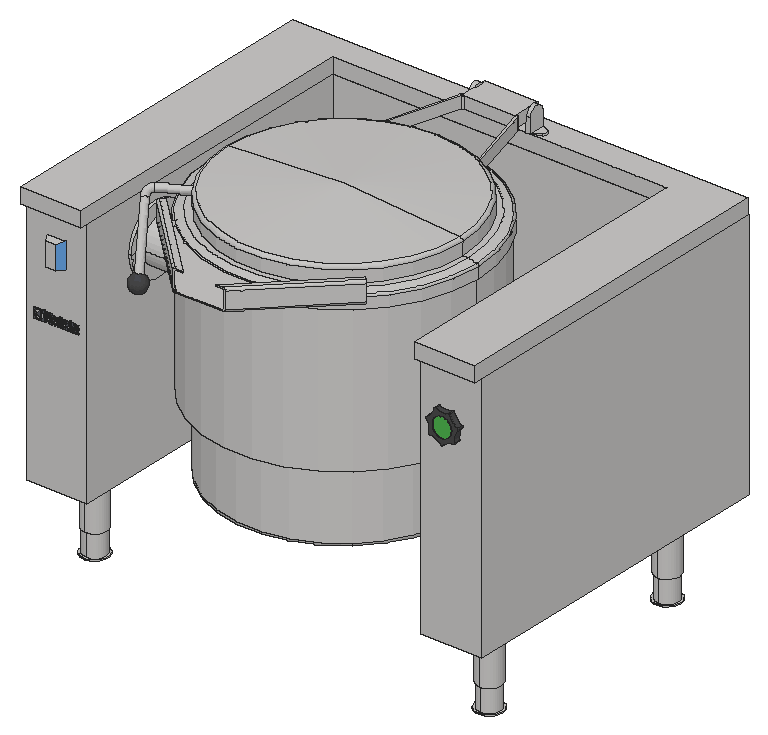
Revit family "QF_ELECTROLUXPROFESSIONAL_587188_PBOT10TCJO", category Attrezzature speciali, Revit 2020
Family settings
  Quota connettore circolare = Usa diametro
  Tipo di parte = Normale
  Basato su piano di lavoro = No
  Sempre verticale = Sì
  Taglio con vuoti quando caricato = No
  Condiviso = No
  Punto di calcolo locali = No
Parameters (values of type "Standard")
  Weight = 180.00 kg
  Watts = 200 W
  Volts = 230 V
  URL Manufacturer = "https://www.electroluxprofessional.com/"
  URL = "https://www.electroluxprofessional.com/"
  Steam Supply Size = 25.4 mm
  Steam Supply Minimum Pressure = 3.28084 Pa
  Steam Supply Maximum Pressure = 4.92126 Pa
  Steam Consumption per Hour = 45
  Refrigeration Suction Line Size = 0.0 mm
  Refrigeration Liquid Line Size = 0.0 mm
  Refrigerant Compressor Remote = yes
  Prospetto di default = 0.0 mm
  Produttore = "Electrolux Professional"
  Phase = 1
  Modello = "PBOT10TCJO"
  Length Actual = 1200.0 mm  # constant formula
  Item Number = "587188"
  Hot Water Size = 12.7 mm
  Height Actual = 700.0 mm  # constant formula
  HP = "0.3 HP"
  Gas Size = 0 mm
  Gas KW = 0
  Gas Input Pressure = 0 W
  Direct Waste Size = 0 mm
  Descrizione = "STEAM (MAN) BOILING PAN, TILTING,100L,230V,FS,MARINE"
  Depth Actual = 900.0 mm  # constant formula
  Cycle = 50 Hz
  Condensate Return Size = 25.4 mm
  Compressed Air Volume = 0.0 L/s
  Compressed Air Size = 0 mm
  Compressed Air Pressure = 0.0 Pa
  Cold Water Size = 12.7 mm
  Accessory = yes
Reference planes
  plane 1 "Center (Front/Back)": y = 0
  plane 2: z = 0
  plane 3 "Center (Left/Right)": x = 0
  plane 4 "LEFT": x = -600
  plane 5 "RIGHT": x = 600
  plane 6 "BACK": y = 450
  plane 7 "FRONT": y = -450
  plane 8 "Base": z = 200
  plane 9 "TOP": z = 900
  plane 10: x = -440
  plane 11: x = 440
  plane 12 "Axe_PentolaY": y = -205
  plane 13 "AxePentolaZ": z = 730
  plane 14 "PLANE_TOP": z = 860
  plane 15: y = 380
  plane 16: x = -349.5
  plane 17: z = 880
  plane 18: z = 495
  plane 19: z = 280
  plane 20: x = -313.5
  plane 21: y = -610
  plane 22 "CentroPentolaY": y = -133
  plane 23 "TopCoperchio": z = 981
  plane 24 "Versamento": z = 910
  plane 25 "V1": through (-114.68, -565.5, 4000) normal (-0.7071, -0.7071, 0)
  plane 26 "V2": through (122.18, -558, 4000) normal (-0.7071, 0.7071, 0)
  plane 27 "Gfront": y = -1300
  plane 28 "LEVEL": through (-245.562, -289.383, 4000) normal (0.866, 0.5, 0)
  plane 29 "GRight": x = 250
  plane 30 "GLeft": x = -250
  plane 31 "Gback": y = -100
  plane 32: z = 1756
  plane 33 "Ribaltamento": y = -674
  plane 34: x = -520
  plane 35: x = 520
Forms (mm)
  Revolve 1, solid, material "QF_Finishes_Stainless Steel"
    sketch origin (0, 0, 730) x (-1, 0, 0) y (0, -1, 0)
      loop
        line (440, 205) -> (-440, 205) -> (-440, 115) -> (-430, 115) -> (-430, 148) -> (430, 148) -> (430, 115) -> (440, 115) -> (440, 205)
      axis (440, 205) -> (-440, 205)
    angle from 0 to 360
  Extrusion 2, solid, material "QF_Finishes_Stainless Steel"
    sketch origin (0, 0, 860) x (-1, 0, 0) y (0, -1, 0)
      loop
        line (600, 450) -> (440, 450) -> (440, -380) -> (-440, -380) -> (-440, 450) -> (-600, 450) -> (-600, -450) -> (600, -450) -> (600, 450)
    from 0 to 40
  Extrusion 3, solid, material "QF_Finishes_Stainless Steel"
    sketch origin (0, 0, 860) x (-1, 0, 0) y (0, -1, 0)
      loop
        line (440, -380) -> (-440, -380) -> (-440, -450) -> (440, -450) -> (440, -380)
    from 0 to -360
  Revolve 4, solid, material "QF_Finishes_Stainless Steel"
    sketch origin (0, -133, 0) x (-1, 0, 0) y (0, 0, 1)
      loop
        line (0, 880) -> (0, 280)
        arc (0, 280) -> (156.043, 284.842) -> (311.485, 299.356) r 2515
        arc (311.485, 299.356) -> (312.985, 302.455) -> (313.5, 305.859) r 11.5
        line (313.5, 305.859) -> (313.5, 495) -> (349.5, 495) -> (349.5, 880) -> (0, 880)
      axis (0, 880) -> (0, 280)
    angle from 0 to 360
  Revolve 5, solid, material "QF_Finishes_Stainless Steel"
    sketch origin (0, -133, 0) x (-1, 0, 0) y (0, 0, 1)
      loop
        line (354.5, 880) -> (354.5, 908.417)
        arc (354.5, 908.417) -> (353.283, 912.04) -> (350.126, 914.193) r 6
        line (350.126, 914.193) -> (329.5, 920) -> (313.5, 920) -> (313.5, 951.908)
        arc (313.5, 951.908) -> (311.001, 958.521) -> (304.753, 961.829) r 10
        arc (304.753, 961.829) -> (152.678, 976.202) -> (0, 981) r 2431.82
        line (0, 981) -> (0, 880) -> (354.5, 880)
      axis (0, 981) -> (0, 880)
    angle from 0 to 360
  Extrusion 6, solid, material "QF_Finishes_Stainless Steel"
    sketch origin (0, 0, 910) x (-1, 0, 0) y (0, -1, 0)
      loop
        line (45.557, 610) -> (-45.557, 610) -> (-263.465, 392.092) -> (-247.191, 375.819)
        arc (-247.191, 375.819) -> (0, 479.503) -> (247.191, 375.819) r 346.503
        line (247.191, 375.819) -> (263.465, 392.092) -> (45.557, 610)
    from 0 to 3
  Sweep 7, solid, material "QF_Finishes_Stainless Steel"
    path origin (0, 0, 910) x (-1, 0, 0) y (0, -1, 0)
      loop
        line (55.425, 624.755) -> (275.776, 404.404)
    profile origin (-165.6, -514.579, 910) x (-0.707107, -0.707107, 0) y (0, 0, 1)
      loop
        arc (-6, 0) -> (-1.757, 1.757) -> (0, 6) r 6
        line (0, 6) -> (0, 50)
        arc (0, 50) -> (-1.757, 54.243) -> (-6, 56) r 6
        line (-6, 56) -> (-19, 56) -> (-19, 53) -> (-6, 53)
        arc (-6, 53) -> (-3.879, 52.121) -> (-3, 50) r 3
        line (-3, 50) -> (-3, 6)
        arc (-3, 6) -> (-3.879, 3.879) -> (-6, 3) r 3
        line (-6, 3) -> (-19, 3) -> (-19, 0) -> (-6, 0)
  Sweep 8, solid, material "QF_Finishes_Stainless Steel"
    path origin (0, 0, 910) x (-1, 0, 0) y (0, -1, 0)
      loop
        line (-55.075, 625.105) -> (-275.776, 404.404)
    profile origin (165.425, -514.754, 910) x (-0.707107, 0.707107, 0) y (0, 0, 1)
      loop
        arc (0, 6) -> (1.757, 1.757) -> (6, 0) r 6
        line (6, 0) -> (19, 0) -> (19, 3) -> (6, 3)
        arc (6, 3) -> (3.879, 3.879) -> (3, 6) r 3
        line (3, 6) -> (3, 50)
        arc (3, 50) -> (3.879, 52.121) -> (6, 53) r 3
        line (6, 53) -> (19, 53) -> (19, 56) -> (6, 56)
        arc (6, 56) -> (1.757, 54.243) -> (0, 50) r 6
        line (0, 50) -> (0, 6)
  Extrusion 9, solid, material "QF_Finishes_Stainless Steel"
    sketch origin (0, 0, 0) x (0, 1, 0) y (0, 0, 1)
      loop
        line (420, 900) -> (420, 938.813)
        arc (420, 938.813) -> (400, 958.813) -> (380, 938.813) r 20
        line (380, 938.813) -> (380, 900) -> (420, 900)
    from -70 to -82
  Extrusion 10, solid, material "QF_Finishes_Stainless Steel"
    sketch origin (0, 0, 900) x (0, 1, 0) y (-1, 0, 0)
      loop
        arc (341.132, 72.4) -> (343.874, 70.425) -> (344.734, 67.158) r 5
        line (344.734, 67.158) -> (344.734, -67.158)
        arc (344.734, -67.158) -> (343.874, -70.425) -> (341.132, -72.4) r 5
        line (341.132, -72.4) -> (129.308, -133.139)
        arc (129.308, -133.139) -> (127.881, -135.914) -> (126.425, -138.673) r 294.162
        line (126.425, -138.673) -> (342.51, -77.206)
        arc (342.51, -77.206) -> (346.951, -74.535) -> (349.459, -70) r 10
        line (349.459, -70) -> (420, -70) -> (420, 70) -> (349.459, 70)
        arc (349.459, 70) -> (346.951, 74.535) -> (342.51, 77.206) r 10
        line (342.51, 77.206) -> (126.425, 138.673)
        arc (126.425, 138.673) -> (127.881, 135.914) -> (129.308, 133.139) r 294.162
        line (129.308, 133.139) -> (341.132, 72.4)
    from 23.419 to 54.644
  Extrusion 11, solid, material "QF_Finishes_Stainless Steel"
    sketch origin (0, 0, 0) x (0, 1, 0) y (0, 0, 1)
      loop
        line (420, 900) -> (420, 938.813)
        arc (420, 938.813) -> (400, 958.813) -> (380, 938.813) r 20
        line (380, 938.813) -> (380, 900) -> (420, 900)
    from 70 to 82
  Extrusion 12, solid, material "QF_Finishes_Stainless Steel"
    sketch origin (0, 0, 900) x (0, 1, 0) y (-1, 0, 0)
      loop
        arc (391.973, -103.927) -> (400, -108.689) -> (408.027, -103.927) r 9.146
        line (408.027, -103.927) -> (420, -82) -> (380, -82) -> (391.973, -103.927)
      loop
        line (391.973, 103.927) -> (380, 82) -> (420, 82) -> (408.027, 103.927)
        arc (408.027, 103.927) -> (400, 108.689) -> (391.973, 103.927) r 9.146
    from 0 to 3
  Extrusion 13, solid, material "QF_Door-Drawer Clearances", detail levels coarse
    sketch origin (0, 0, 0) x (0, 1, 0) y (0, 0, 1)
      loop
        line (-610, 916) -> (-610, 927.19)
        arc (-610, 927.19) -> (-658.178, 610.489) -> (-482.5, 342.612) r 447.893
        line (-482.5, 342.612) -> (-482.5, 880) -> (-487.5, 880) -> (-487.5, 910) -> (-605.757, 910)
        spline (-605.757, 910) -> (-606.311, 910.051) -> (-606.855, 910.204) -> (-607.381, 910.457) -> (-607.879, 910.804) -> (-608.34, 911.24) -> (-608.757, 911.757) -> (-609.123, 912.347) -> (-609.432, 913) -> (-609.677, 913.704) -> (-609.855, 914.447) -> (-609.964, 915.217) -> (-610, 916)
    from -100 to 100
  Extrusion 14, void
    sketch origin (0, 0, 910) x (-1, 0, 0) y (0, -1, 0)
      loop
        line (75, 610) -> (75, 627.601) -> (-72.504, 627.601) -> (-72.504, 610) -> (75, 610)
    from 0 to 71
  Extrusion 15, solid, material "QF_Door-Drawer Clearances", detail levels coarse
    sketch origin (0, 503.456, 621.717) x (0, 1, 0) y (0, 0, 1)
      loop
        line (-83.456, 332.927) -> (-293.85, 1134.283)
        arc (-293.85, 1134.283) -> (-817.32, 857.21) -> (-1113.456, 344.283) r 1070.86
        line (-1113.456, 344.283) -> (-899.021, 344.283)
        arc (-899.021, 344.283) -> (-633.085, 359.286) -> (-367.148, 344.283) r 2364.531
        line (-367.148, 344.283) -> (-323.456, 344.283) -> (-323.456, 332.927) -> (-83.456, 332.927)
    from -100 to 100
Cuts and joins
  Extrusion 14 cuts Extrusion 6
  Extrusion 14 cuts Sweep 7
  Extrusion 14 cuts Sweep 8
  joined: Extrusion 6, Sweep 7, Sweep 8
  Extrusion 14 cuts Extrusion 13
Lines and regions (mm)
  symbolic lines
    curve 1: line (600, 450, 900) -> (-600, 450, 900)
    curve 2: line (600, -450, 900) -> (600, 450, 900)
    curve 3: line (-600, 450, 900) -> (-600, -450, 900)
    curve 4: line (-600, -450, 900) -> (-440, -450, 900)
    curve 5: line (-440, -450, 900) -> (-440, 380, 900)
    curve 6: line (440, 380, 900) -> (440, -450, 900)
    curve 7: line (440, -450, 900) -> (600, -450, 900)
    curve 8: line (-430, -115, 900) -> (-430, -295, 900)
    curve 9: line (-430, -115, 900) -> (-440, -115, 900)
    curve 10: line (-430, -295, 900) -> (-440, -295, 900)
    curve 11: line (430, -115, 900) -> (440, -115, 900)
    curve 12: line (430, -295, 900) -> (440, -295, 900)
    curve 13: line (-70, 349.459, 900) -> (-70, 420, 900)
    curve 14: line (-82, 420, 900) -> (82, 420, 900)
    curve 15: line (70, 420, 900) -> (70, 349.459, 900)
    curve 16: line (-66.757, 345, 900) -> (66.757, 345, 900)
    curve 17: line (-70.18, -610, 900) -> (-275.776, -404.404, 900)
    curve 18: line (-275.776, -404.404, 900) -> (-249.31, -377.938, 900)
    curve 19: line (-262.341, -390.969, 900) -> (-56.745, -596.565, 900)
    curve 20: line (56.745, -596.565, 900) -> (262.341, -390.969, 900)
    curve 21: line (249.31, -377.938, 900) -> (275.776, -404.404, 900)
    curve 22: line (275.776, -404.404, 900) -> (70.18, -610, 900)
    curve 23: line (-103.927, 391.973, 900) -> (-82, 380, 900)
    curve 24: arc (-103.927, 408.027, 900) -> (-108.689, 400, 900) -> (-103.927, 391.973, 900) r 9.146
    curve 25: line (-82, 420, 900) -> (-103.927, 408.027, 900)
    curve 26: line (-82, 420, 900) -> (-82, 380, 900)
    curve 27: line (82, 380, 900) -> (82, 420, 900)
    curve 28: line (103.927, 408.027, 900) -> (82, 420, 900)
    curve 29: arc (103.927, 391.973, 900) -> (108.689, 400, 900) -> (103.927, 408.027, 900) r 9.146
    curve 30: line (82, 380, 900) -> (103.927, 391.973, 900)
    curve 36: line (-440, 380, 900) -> (-70, 380, 900)
    curve 37: line (440, 380, 900) -> (70, 380, 900)
    curve 38: line (-430, -147.761, 900) -> (-349.188, -147.761, 900)
    curve 39: line (-430, -262, 900) -> (-324.822, -262, 900)
    curve 40: line (430, -147.761, 900) -> (349.188, -147.761, 900)
    curve 60: line (430, -262, 900) -> (324.822, -262, 900)
    curve 72: arc (-296.118, -318.645, 910) -> (300.864, 44.851, 910) -> (-305.405, -302.936, 910) r 349.5
    curve 75: line (430, -295, 910) -> (430, -115, 910)
  symbolic lines, style "SpecialityEquipmentHiddenLines"
    curve 31: line (-250, -1300, 900) -> (250, -1300, 900)
    curve 32: line (-250, -100, 900) -> (-250, -1300, 900)
    curve 33: line (250, -100, 900) -> (-250, -100, 900)
    curve 34: line (250, -1300, 900) -> (250, -100, 900)
    curve 57: line (0, -1165.484, 900) -> (0, -1135.484, 900)
    curve 58: line (-15, -1150.484, 900) -> (15, -1150.484, 900)
    curve 61: arc (-72.4, 341.132, 910) -> (-70.425, 343.874, 910) -> (-67.158, 344.734, 910) r 5
    curve 62: arc (-70, 349.459, 910) -> (-74.535, 346.951, 910) -> (-77.206, 342.51, 910) r 10
    curve 63: arc (77.206, 342.51, 910) -> (74.535, 346.951, 910) -> (70, 349.459, 910) r 10
    curve 64: arc (67.158, 344.734, 910) -> (70.425, 343.874, 910) -> (72.4, 341.132, 910) r 5
    curve 70: line (-56.745, -596.565, 910) -> (-70.18, -610, 910)
    curve 71: line (56.745, -596.565, 910) -> (70.18, -610, 910)
    curve 74: line (250, -100, 910) -> (-250, -100, 910)
  symbolic lines, style "SpecialityEquipment"
    curve 35: circle (0, -1150.484, 900) r 15 normal (0, 0, 1)
    curve 41: line (210, -1300, 900) -> (210, -1100, 900)
    curve 42: line (170, -1300, 900) -> (170, -1140, 900)
    curve 43: line (130, -1300, 900) -> (130, -1180, 900)
    curve 44: line (90, -1300, 900) -> (90, -1220, 900)
    curve 45: line (90, -1260, 900) -> (250, -1260, 900)
    curve 46: line (130, -1220, 900) -> (250, -1220, 900)
    curve 47: line (170, -1180, 900) -> (250, -1180, 900)
    curve 48: line (210, -1140, 900) -> (250, -1140, 900)
    curve 49: line (-210, -1300, 900) -> (-210, -1100, 900)
    curve 50: line (-170, -1300, 900) -> (-170, -1140, 900)
    curve 51: line (-130, -1300, 900) -> (-130, -1180, 900)
    curve 52: line (-90, -1300, 900) -> (-90, -1220, 900)
    curve 53: line (-90, -1260, 900) -> (-250, -1260, 900)
    curve 54: line (-130, -1220, 900) -> (-250, -1220, 900)
    curve 55: line (-170, -1180, 900) -> (-250, -1180, 900)
    curve 56: line (-210, -1140, 900) -> (-250, -1140, 900)
    curve 59: line (-70.18, -610, 900) -> (70.18, -610, 900)
    curve 65: line (72.4, 341.132, 910) -> (133.139, 129.308, 910)
    curve 66: line (138.673, 126.425, 910) -> (77.206, 342.51, 910)
    curve 67: line (-133.139, 129.308, 910) -> (-72.4, 341.132, 910)
    curve 68: line (-77.206, 342.51, 910) -> (-138.673, 126.425, 910)
    curve 69: circle (0, -133, 910) r 294.162 normal (0, 0, -1)
    curve 73: circle (0, -133, 910) r 313.5 normal (0, 0, 1)
Dimensions and locks
  plane 4 "LEFT" to plane 5 "RIGHT" = 1200.0 mm
  equal spacing: plane 4 "LEFT", plane 3 "Center (Left/Right)", plane 5 "RIGHT"
  equal spacing: plane 6 "BACK", plane 1 "Center (Front/Back)", plane 7 "FRONT"
  plane 6 "BACK" to plane 7 "FRONT" = 900.0 mm
  plane 8 "Base" to level = 200.0 mm
  plane 9 "TOP" to level = 900.0 mm
  plane 9 "TOP" to plane 8 "Base" = 700.0 mm
  locked: plane 4 "LEFT" to plane 10 at 160
  locked: plane 11 to plane 5 "RIGHT" at 160
  locked: plane 6 "BACK" to plane 12 "Axe_PentolaY" at 655
  locked: plane 13 "AxePentolaZ" to plane 8 "Base" at 530
  locked: Revolve 1 sketch curve to Revolve 1 sketch curve at 57
  locked: Revolve 1 sketch curve to Revolve 1 sketch curve at 90
  locked: plane 10 to Revolve 1 sketch curve at 10
  locked: Revolve 1 sketch curve to plane 11 at 10
  locked: plane 9 "TOP" to plane 14 "PLANE_TOP" at 40
  plane 6 "BACK" to plane 15 = 70.0 mm
  locked: plane 17 to plane 13 "AxePentolaZ" at 150
  locked: plane 13 "AxePentolaZ" to plane 18 at 235
  locked: plane 18 to plane 19 at 215
  locked: plane 3 "Center (Left/Right)" to plane 16 at 349.5
  locked: plane 3 "Center (Left/Right)" to plane 20 at 313.5
  Revolve 5 sketch curve to plane 17 = 40.0 mm
  locked: plane 16 to Revolve 5 sketch curve at 5
  plane 6 "BACK" to plane 21 = 1060.0 mm
  locked: plane 6 "BACK" to plane 22 "CentroPentolaY" at 583
  locked: plane 23 "TopCoperchio" to plane 9 "TOP" at 81
  locked: plane 24 "Versamento" to level at 910
  plane 6 "BACK" to plane 27 "Gfront" = 1750.0 mm
  locked: plane 30 "GLeft" to plane 3 "Center (Left/Right)" at 250
  locked: plane 3 "Center (Left/Right)" to plane 29 "GRight" at 250
  plane 6 "BACK" to plane 31 "Gback" = 550.0 mm
  plane 32 to plane 9 "TOP" = 856.0 mm
  plane 6 "BACK" to plane 33 "Ribaltamento" = 1124.0 mm
  equal spacing: plane 10, plane 34, plane 4 "LEFT"
  equal spacing: plane 5 "RIGHT", plane 35, plane 11
  aligned and locked: level to plane 2
  aligned and locked: plane 5 "RIGHT" to nested 2
  aligned and locked: plane 4 "LEFT" to nested 1
  aligned and locked: plane 8 "Base" to nested 1
  aligned and locked: plane 8 "Base" to nested 2
  aligned and locked: plane 6 "BACK" to nested 2
  aligned and locked: plane 6 "BACK" to nested 1
  aligned and locked: plane 10 to Revolve 1 sketch curve
  aligned and locked: plane 11 to Revolve 1 sketch curve
  aligned and locked: plane 4 "LEFT" to Extrusion 2 sketch curve
  aligned and locked: Extrusion 2 sketch curve to plane 10
  aligned and locked: plane 7 "FRONT" to Extrusion 2 sketch curve  (x2)
  aligned and locked: Extrusion 2 sketch curve to plane 5 "RIGHT"
  aligned and locked: plane 11 to Extrusion 2 sketch curve
  aligned and locked: Extrusion 2 sketch curve to plane 6 "BACK"
  aligned and locked: plane 15 to Extrusion 2 sketch curve
  aligned and locked: Extrusion 3 sketch curve to plane 10
  aligned and locked: plane 6 "BACK" to Extrusion 3 sketch curve
  aligned and locked: plane 11 to Extrusion 3 sketch curve
  aligned and locked: Extrusion 3 sketch curve to plane 15
  aligned and locked: plane 3 "Center (Left/Right)" to Revolve 4 sketch curve
  aligned and locked: Revolve 4 sketch curve to plane 20
  aligned and locked: Revolve 4 sketch curve to plane 18
  aligned and locked: Revolve 4 sketch curve to plane 16
  aligned and locked: plane 17 to Revolve 4 sketch curve
  aligned and locked: Revolve 5 sketch curve to plane 17
  aligned and locked: Extrusion 9 sketch curve to plane 15
  aligned and locked: Extrusion 9 sketch curve to Extrusion 2
  aligned and locked: curve 31 to plane 27 "Gfront"
  aligned and locked: curve 32 to plane 30 "GLeft"
  aligned and locked: plane 29 "GRight" to curve 34
  aligned and locked: plane 31 "Gback" to curve 33
  aligned and locked: plane 34 to nested 3
  aligned and locked: plane 35 to nested 4
Automatic sketch dimensions
  plane 12 "Axe_PentolaY" to Revolve 1 sketch curve = 0.0 mm
  Revolve 1 sketch curve to plane 12 "Axe_PentolaY" = 0.0 mm
  Revolve 1 sketch curve to plane 31 "Gback" = 15.0 mm
  plane 5 "RIGHT" to Revolve 1 sketch curve = 432.098 mm
  Revolve 1 sketch curve to plane 4 "LEFT" = 580.148 mm
  Revolve 4 sketch curve to plane 3 "Center (Left/Right)" = 0.0 mm
  Revolve 4 sketch curve to plane 19 = 0.0 mm
  Revolve 4 sketch curve to plane 3 "Center (Left/Right)" = 0.059 mm
  Revolve 4 sketch curve to Revolve 4 sketch curve = 11.5 mm
  plane 19 to Revolve 4 sketch curve = 25.859 mm
  plane 32 to Revolve 4 sketch curve = 1039.0 mm
  level to Revolve 4 sketch curve = 60.0 mm
  plane 23 "TopCoperchio" to Revolve 4 sketch curve = 179.0 mm
  Extrusion 6 sketch curve to plane 21 = 0.0 mm
  Extrusion 6 sketch curve to plane 3 "Center (Left/Right)" = 0.0 mm
  Extrusion 6 sketch curve to plane 22 "CentroPentolaY" = 0.0 mm
  plane 3 "Center (Left/Right)" to Extrusion 6 sketch curve = 45.557 mm
  Extrusion 6 sketch curve to plane 29 "GRight" = 2.809 mm
  plane 29 "GRight" to Extrusion 6 sketch curve = 13.465 mm
  Extrusion 6 sketch curve to plane 3 "Center (Left/Right)" = 45.557 mm
  plane 30 "GLeft" to Extrusion 6 sketch curve = 2.809 mm
  Extrusion 6 sketch curve to plane 30 "GLeft" = 13.465 mm
  plane 7 "FRONT" to Extrusion 6 sketch curve = 74.181 mm
  plane 25 "V1" to Sweep 7 sketch curve = 0.0 mm
  Sweep 7 sketch curve to plane 25 "V1" = 0.0 mm
  Sweep 7 sketch curve to plane 21 = 14.755 mm
  Sweep 7 sketch curve to plane 30 "GLeft" = 25.776 mm
  Sweep 7 sketch curve to Sweep 7 sketch curve = 0.0 mm  (x4)
  plane 24 "Versamento" to Sweep 7 sketch curve = 0.0 mm
  Sweep 7 sketch curve to profile plane = 0.0 mm
  profile plane to Sweep 7 sketch curve = 3.0 mm
  Sweep 7 sketch curve to Sweep 7 sketch curve = 3.0 mm  (x2)
  Sweep 7 sketch curve to Sweep 7 sketch curve = 13.0 mm  (x2)
  Sweep 7 sketch curve to Sweep 7 sketch curve = 44.0 mm
  Sweep 8 sketch curve to plane 26 "V2" = 0.0 mm  (x2)
  plane 29 "GRight" to Sweep 8 sketch curve = 25.776 mm
  Sweep 8 sketch curve to plane 21 = 15.105 mm
  Sweep 8 sketch curve to Sweep 8 sketch curve = 0.0 mm  (x4)
  Sweep 8 sketch curve to profile plane = 0.0 mm
  plane 24 "Versamento" to Sweep 8 sketch curve = 0.0 mm
  Sweep 8 sketch curve to Sweep 8 sketch curve = 3.0 mm  (x2)
  Sweep 8 sketch curve to profile plane = 6.0 mm
  Sweep 8 sketch curve to Sweep 8 sketch curve = 13.0 mm  (x2)
  Sweep 8 sketch curve to Sweep 8 sketch curve = 44.0 mm
  plane 15 to Extrusion 9 sketch curve = 20.0 mm
  plane 24 "Versamento" to Extrusion 9 sketch curve = 28.813 mm
  Extrusion 10 sketch curve to Extrusion 10 sketch curve = 0.0 mm  (x6)
  Extrusion 10 sketch curve to plane 3 "Center (Left/Right)" = 0.0 mm
  Extrusion 10 sketch curve to plane 22 "CentroPentolaY" = 0.0 mm
  Extrusion 10 sketch curve to plane 1 "Center (Front/Back)" = 126.425 mm  (x2)
  Extrusion 10 sketch curve to Extrusion 10 sketch curve = 2.883 mm  (x2)
  Extrusion 10 sketch curve to plane 15 = 40.247 mm  (x2)
  Extrusion 10 sketch curve to Extrusion 10 sketch curve = 1.378 mm  (x4)
  Extrusion 10 sketch curve to Extrusion 10 sketch curve = 4.981 mm
  Extrusion 10 sketch curve to Extrusion 10 sketch curve = 4.725 mm  (x2)
  Extrusion 10 sketch curve to plane 6 "BACK" = 30.0 mm
  plane 3 "Center (Left/Right)" to Extrusion 10 sketch curve = 67.158 mm
  Extrusion 10 sketch curve to Extrusion 10 sketch curve = 0.436 mm  (x2)
  plane 3 "Center (Left/Right)" to Extrusion 10 sketch curve = 70.0 mm
  Extrusion 10 sketch curve to plane 29 "GRight" = 116.861 mm
  Extrusion 10 sketch curve to plane 3 "Center (Left/Right)" = 67.158 mm
  Extrusion 10 sketch curve to plane 3 "Center (Left/Right)" = 70.0 mm
  plane 30 "GLeft" to Extrusion 10 sketch curve = 116.861 mm
  Extrusion 11 sketch curve to plane 9 "TOP" = 0.0 mm
  Extrusion 11 sketch curve to plane 15 = 0.0 mm
  plane 15 to Extrusion 11 sketch curve = 20.0 mm
  plane 24 "Versamento" to Extrusion 11 sketch curve = 28.813 mm
  Extrusion 12 sketch curve to plane 15 = 0.0 mm  (x2)
  plane 15 to Extrusion 12 sketch curve = 11.973 mm  (x2)
  Extrusion 12 sketch curve to Extrusion 12 sketch curve = 8.027 mm  (x4)
  Extrusion 12 sketch curve to Extrusion 12 sketch curve = 11.973 mm  (x2)
  plane 3 "Center (Left/Right)" to Extrusion 12 sketch curve = 103.927 mm
  Extrusion 12 sketch curve to Extrusion 12 sketch curve = 4.383 mm  (x2)
  Extrusion 12 sketch curve to Extrusion 12 sketch curve = 21.927 mm
  Extrusion 12 sketch curve to plane 3 "Center (Left/Right)" = 82.0 mm
  Extrusion 12 sketch curve to Extrusion 12 sketch curve = 17.543 mm
  Extrusion 13 sketch curve to plane 21 = 0.0 mm
  Extrusion 13 sketch curve to plane 24 "Versamento" = 0.0 mm
  Extrusion 13 sketch curve to plane 17 = 0.0 mm
  plane 21 to Extrusion 13 sketch curve = 4.243 mm
  Extrusion 13 sketch curve to plane 7 "FRONT" = 37.5 mm
  Extrusion 13 sketch curve to Extrusion 13 sketch curve = 5.0 mm
  Extrusion 13 sketch curve to plane 12 "Axe_PentolaY" = 15.573 mm
  Extrusion 13 sketch curve to plane 13 "AxePentolaZ" = 24.067 mm
  plane 19 to Extrusion 13 sketch curve = 62.612 mm
  plane 24 "Versamento" to Extrusion 13 sketch curve = 6.0 mm
  Extrusion 14 sketch curve to plane 21 = 0.0 mm
  plane 3 "Center (Left/Right)" to Extrusion 14 sketch curve = 72.504 mm
  Extrusion 14 sketch curve to plane 21 = 17.601 mm
  Extrusion 14 sketch curve to plane 3 "Center (Left/Right)" = 75.0 mm
  Extrusion 15 sketch curve to plane 21 = 0.0 mm
  Extrusion 15 sketch curve to plane 32 = 0.0 mm
  plane 7 "FRONT" to Extrusion 15 sketch curve = 54.435 mm
  plane 22 "CentroPentolaY" to Extrusion 15 sketch curve = 3.372 mm
  Extrusion 15 sketch curve to plane 23 "TopCoperchio" = 15.0 mm
  Extrusion 15 sketch curve to plane 1 "Center (Front/Back)" = 136.308 mm
  Extrusion 15 sketch curve to Extrusion 15 sketch curve = 43.692 mm
  Extrusion 15 sketch curve to plane 6 "BACK" = 30.0 mm
  Extrusion 15 sketch curve to plane 6 "BACK" = 20.705 mm
  Extrusion 15 sketch curve to Extrusion 15 sketch curve = 11.356 mm
  Extrusion 15 sketch curve to plane 13 "AxePentolaZ" = 22.083 mm
  Extrusion 15 sketch curve to level = 1383.528 mm
  curve 61 to curve 62 = 0.0 mm  (x2)
  curve 63 to curve 64 = 0.0 mm  (x2)
  curve 69 to curve 72 = 0.0 mm  (x2)
  curve 69 to curve 73 = 0.0 mm  (x2)
  curve 72 to curve 73 = 0.0 mm  (x2)
  curve 74 to plane 29 "GRight" = 0.0 mm
  curve 71 to plane 21 = 0.0 mm
  curve 71 to plane 26 "V2" = 0.0 mm
  curve 69 to plane 3 "Center (Left/Right)" = 0.0 mm
  curve 70 to plane 21 = 0.0 mm
  plane 25 "V1" to curve 70 = 0.0 mm
  curve 74 to plane 30 "GLeft" = 0.0 mm
  curve 74 to plane 31 "Gback" = 0.0 mm
  curve 73 to plane 22 "CentroPentolaY" = 0.0 mm
  curve 66 to plane 15 = 37.49 mm
  plane 3 "Center (Left/Right)" to curve 66 = 77.206 mm
  curve 63 to curve 65 = 4.806 mm
  curve 64 to curve 64 = 4.806 mm
  curve 62 to plane 3 "Center (Left/Right)" = 67.593 mm
  curve 67 to plane 15 = 38.868 mm
  curve 61 to curve 67 = 4.806 mm
  curve 68 to plane 15 = 37.49 mm
  curve 61 to curve 68 = 4.806 mm
  curve 63 to curve 65 = 1.378 mm
  curve 67 to curve 62 = 1.378 mm
  curve 64 to curve 64 = 1.378 mm
  curve 75 to plane 11 = 10.0 mm
  curve 66 to plane 29 "GRight" = 111.327 mm
  curve 66 to curve 65 = 5.534 mm
  curve 64 to curve 63 = 2.4 mm
  curve 63 to curve 64 = 0.436 mm
  plane 21 to curve 71 = 13.435 mm
  curve 71 to curve 71 = 13.435 mm
  plane 21 to curve 70 = 13.435 mm
  curve 70 to curve 70 = 13.435 mm
  curve 61 to curve 61 = 0.436 mm
  curve 61 to curve 62 = 2.842 mm
  plane 30 "GLeft" to curve 67 = 116.861 mm
  curve 67 to curve 68 = 5.534 mm
  plane 20 to curve 72 = 17.382 mm
  plane 20 to curve 72 = 8.095 mm
  curve 67 to plane 1 "Center (Front/Back)" = 129.308 mm
  curve 75 to plane 31 "Gback" = 15.0 mm
  curve 75 to plane 12 "Axe_PentolaY" = 90.0 mm
  curve 72 to plane 12 "Axe_PentolaY" = 97.936 mm
  curve 57 to plane 3 "Center (Left/Right)" = 0.0 mm
  curve 35 to plane 3 "Center (Left/Right)" = 0.0 mm
  curve 59 to plane 21 = 0.0 mm
  curve 5 to plane 7 "FRONT" = 0.0 mm
  curve 6 to plane 7 "FRONT" = 0.0 mm
  curve 17 to plane 25 "V1" = 0.0 mm
  curve 22 to plane 26 "V2" = 0.0 mm  (x2)
  curve 12 to plane 11 = 0.0 mm
  curve 10 to plane 10 = 0.0 mm
  curve 5 to plane 15 = 0.0 mm
  curve 6 to plane 15 = 0.0 mm
  curve 2 to plane 5 "RIGHT" = 0.0 mm
  curve 2 to plane 6 "BACK" = 0.0 mm
  plane 25 "V1" to curve 59 = 0.0 mm
  curve 3 to plane 4 "LEFT" = 0.0 mm
  plane 27 "Gfront" to curve 35 = 149.516 mm
  curve 17 to plane 30 "GLeft" = 25.776 mm
  plane 29 "GRight" to curve 22 = 25.776 mm
  plane 10 to curve 8 = 10.0 mm
  curve 8 to plane 12 "Axe_PentolaY" = 90.0 mm
  curve 8 to plane 31 "Gback" = 15.0 mm
  plane 15 to curve 30 = 11.973 mm
  plane 15 to curve 23 = 11.973 mm
  curve 24 to curve 24 = 8.027 mm
  curve 29 to curve 29 = 8.027 mm
  curve 24 to curve 25 = 8.027 mm
  curve 29 to curve 28 = 8.027 mm
  curve 25 to curve 25 = 11.973 mm
  plane 3 "Center (Left/Right)" to curve 30 = 103.927 mm
  curve 28 to curve 29 = 4.383 mm
  curve 28 to curve 28 = 21.927 mm
  curve 26 to plane 3 "Center (Left/Right)" = 82.0 mm
  curve 14 to curve 24 = 17.543 mm
  curve 24 to curve 25 = 4.383 mm
  curve 31 to curve 45 = 40.0 mm
  curve 31 to curve 53 = 40.0 mm
  curve 53 to curve 52 = 40.0 mm
  curve 45 to curve 46 = 40.0 mm
  curve 54 to curve 52 = 0.0 mm
  curve 44 to curve 46 = 0.0 mm
  curve 46 to curve 43 = 40.0 mm
  curve 54 to curve 55 = 40.0 mm
  curve 43 to curve 47 = 0.0 mm
  curve 55 to curve 51 = 0.0 mm
  curve 57 to curve 35 = 15.0 mm
  curve 58 to curve 35 = 0.0 mm
  curve 47 to curve 42 = 40.0 mm
  curve 55 to curve 56 = 40.0 mm
  curve 42 to curve 48 = 0.0 mm
  curve 56 to curve 50 = 0.0 mm
  curve 56 to curve 49 = 40.0 mm
  curve 48 to curve 41 = 40.0 mm
  plane 21 to curve 20 = 13.435 mm
  plane 21 to curve 19 = 13.435 mm
  curve 19 to plane 30 "GLeft" = 12.341 mm
  plane 29 "GRight" to curve 20 = 12.341 mm
  plane 30 "GLeft" to curve 18 = 0.69 mm
  curve 21 to plane 29 "GRight" = 0.69 mm
  curve 12 to plane 11 = 10.0 mm
  curve 12 to plane 12 "Axe_PentolaY" = 90.0 mm
  curve 60 to plane 11 = 10.0 mm
  curve 12 to curve 60 = 33.0 mm
  curve 8 to curve 39 = 33.0 mm
  curve 40 to plane 22 "CentroPentolaY" = 14.761 mm
  plane 16 to curve 38 = 0.312 mm
  curve 38 to plane 22 "CentroPentolaY" = 14.761 mm
  curve 11 to plane 31 "Gback" = 15.0 mm
  curve 16 to plane 15 = 35.0 mm
  curve 16 to curve 15 = 4.459 mm
  curve 16 to curve 13 = 4.459 mm
  curve 11 to curve 11 = 10.0 mm
  curve 40 to plane 11 = 10.0 mm
  curve 40 to curve 40 = 80.812 mm
  plane 29 "GRight" to curve 60 = 74.822 mm
  curve 48 to plane 29 "GRight" = 40.0 mm
  curve 48 to curve 42 = 40.0 mm
  curve 47 to curve 43 = 40.0 mm
  curve 46 to curve 44 = 40.0 mm
  curve 14 to curve 15 = 12.0 mm
  curve 15 to curve 16 = 3.243 mm
  curve 16 to curve 23 = 15.243 mm
  curve 13 to curve 14 = 12.0 mm
  curve 53 to plane 3 "Center (Left/Right)" = 90.0 mm
  curve 52 to curve 51 = 40.0 mm
  curve 51 to curve 50 = 40.0 mm
  plane 30 "GLeft" to curve 49 = 40.0 mm
  curve 39 to plane 20 = 11.322 mm
  Revolve 5 sketch curve to plane 3 "Center (Left/Right)" = 0.0 mm  (x2)
  plane 20 to Revolve 5 sketch curve = 0.0 mm
  Revolve 5 sketch curve to plane 23 "TopCoperchio" = 0.0 mm
  Revolve 5 sketch curve to Revolve 5 sketch curve = 10.0 mm
  Revolve 5 sketch curve to plane 20 = 16.0 mm
  plane 16 to Revolve 5 sketch curve = 1.0 mm
  Revolve 5 sketch curve to plane 16 = 0.626 mm
  Revolve 5 sketch curve to level = 1450.82 mm
  Revolve 5 sketch curve to plane 24 "Versamento" = 1.583 mm
  Revolve 5 sketch curve to plane 23 "TopCoperchio" = 29.092 mm
  Revolve 5 sketch curve to plane 18 = 95.0 mm
  Revolve 5 sketch curve to Revolve 5 sketch curve = 179.0 mm
  radius of curve 73 = 313.5 mm
Nested families
  nested 1: "QF_ELECTROLUXPROFESSIONAL_PBOTSNB900_LEFT" at (-520, 0, 0), type "QF_ELECTROLUXPROFESSIONAL_PBOTSNB900_LEFT"
    with Body Finish QF_Finishes_Stainless Steel
  nested 2: "QF_ELECTROLUXPROFESSIONAL_PBOTSMAN900_RIGHT" at (520, 0, 0), type "QF_ELECTROLUXPROFESSIONAL_PBOTSMAN900_RIGHT"
    with Body Finish QF_Finishes_Stainless Steel
  nested 3: "QF_ELECTROLUXPROFESSIONAL_2FEET_THL_120xH200" at (-520, 0, 0), type "QF_ELECTROLUXPROFESSIONAL_2FEET_THL_120xH200"
  nested 4: "QF_ELECTROLUXPROFESSIONAL_2FEET_THL_120xH200" at (520, 0, 0), type "QF_ELECTROLUXPROFESSIONAL_2FEET_THL_120xH200"
  nested 5: "QF_ELECTROLUXPROFESSIONAL_PBOT900_LEVEL1" at (-269.073, -292.423, 940) x (0.866, 0.5, 0) z (0, 0, 1), type "QF_ELECTROLUXPROFESSIONAL_PBOT900_LEVEL1"
Connectors
  piping at (-550, 453, 395), diameter 12.7, driven by "Hot Water Size"
    settings: on nested 1, index 1, connector inside diameter 609.6 mm, connector length 0.0 mm, flow factor 0, pipe flow 0.0 L/s, pressure drop 0.0 Pa, fitting loss kfactor 0, connector angle 0.00°, fixture units 0, engagement length 0.0 mm, angle of deflection 0.00°, flow configuration 1, flow direction 1, fitting loss method 0, system type 19, joint type 0, gender type 0, connector reference index -1, connector utility 0, adjustable connector no, is connector primary yes, connector description "Hot Water Inlet"
  piping at (-490, 453, 395), diameter 12.7, driven by "Cold Water Size"
    settings: on nested 1, index 2, connector inside diameter 609.6 mm, connector length 0.0 mm, flow factor 0, pipe flow 0.0 L/s, pressure drop 0.0 Pa, fitting loss kfactor 0, connector angle 0.00°, fixture units 0, engagement length 0.0 mm, angle of deflection 0.00°, flow configuration 1, flow direction 1, fitting loss method 0, system type 20, joint type 0, gender type 0, connector reference index -1, connector utility 0, adjustable connector no, is connector primary no, connector description "Cold Water Inlet"
  electrical at (520, 450, 450), driven by "Volts"
    settings: on nested 2, index 3, voltage 230 V, apparent load 0 VA, apparent load phase1 0 VA, apparent load phase2 0 VA, apparent load phase3 0 VA, power factor 1, load classification "Other", number of poles 1, system type 30, power factor state 1, is connector primary yes, connector utility no, sub classification motor no, connector description "Electrical Connection"
  piping at (-520, 453, 340), diameter 25.4
    settings: on nested 1, index 4, connector inside diameter 609.6 mm, connector length 0.0 mm, flow factor 0, pipe flow 0.0 L/s, pressure drop 0.0 Pa, fitting loss kfactor 0, connector angle 0.00°, fixture units 0, engagement length 0.0 mm, angle of deflection 0.00°, flow configuration 0, flow direction 2, fitting loss method 0, system type 8, joint type 0, gender type 0, connector reference index -1, connector utility 0, adjustable connector no, is connector primary no, connector description "Steam Outlet"
  piping at (520, 453, 340), diameter 25.4
    settings: on nested 2, index 5, connector inside diameter 609.6 mm, connector length 0.0 mm, flow factor 0, pipe flow 0.0 L/s, pressure drop 0.0 Pa, fitting loss kfactor 0, connector angle 0.00°, fixture units 0, engagement length 0.0 mm, angle of deflection 0.00°, flow configuration 1, flow direction 1, fitting loss method 0, system type 7, joint type 0, gender type 0, connector reference index -1, connector utility 0, adjustable connector no, is connector primary no, connector description "Steam Inlet"
Definition of nested family "QF_ELECTROLUXPROFESSIONAL_PBOTSNB900_LEFT"
  Parameters
    Width = 160.0 mm
    Steam_z = 140.0 mm
    Steam_y = 239.0 mm
    Right = Width / 2  # 80.0 mm
    Default Elevation = 0.0 mm
    Left = -Width / 2  # -80.0 mm
    Htop = 40.0 mm
    Height = 900.0 mm
    HW_CW_z = 195.0 mm
    HW_CW_y = 312.0 mm
    HW_CW_Border = 50.0 mm
    HBase = 200.0 mm
    Depth = 900.0 mm
    BorderFront = 20.0 mm
    Body Finish [instance] = none
  Reference planes
    plane 1 "Center (Front/Back)": y = 0
    plane 2: z = 0
    plane 3 "Center (Left/Right)": x = 0
    plane 4 "LEFT": x = -80
    plane 5 "RIGHT": x = 80
    plane 6 "BACK": y = 450
    plane 7 "FRONT": y = -450
    plane 8 "TRAYSLIDER": y = -811.8
    plane 9 "Base": z = 200
    plane 10 "TOP": z = 900
    plane 11 "BorderFront": y = -430
    plane 12: z = 860
    plane 13 "HW_CW": y = 138
    plane 14: x = -30
    plane 15: x = 30
    plane 16 "SteamO": y = 211
    plane 17 "STEAM": z = 340
    plane 18 "CHW": z = 395
  Forms (mm)
    Extrusion 1, solid
      sketch origin (0, 0, 0) x (1, 0, 0) y (0, 1, 0)
        loop
          line (-80, 450) -> (-80, -430) -> (80, -430) -> (80, 450) -> (-80, 450)
      from 860 to 200
    Extrusion 2, solid, material <- "Body Finish"
      sketch origin (0, 450, 0) x (-1, 0, 0) y (0, 0, 1)
        loop
          circle (30, 395) r 6.35
        loop
          circle (-30, 395) r 6.35
      from 3 to 0
    Blend 3, solid, material <- "Body Finish"
      base sketch origin (0, -430, -0.233) x (-1, 0, 0) y (0, 0, 1)
        loop
          line (23.5, 800.233) -> (-23.5, 800.233) -> (-23.5, 733.433) -> (23.5, 733.433) -> (23.5, 800.233)
      top sketch origin (0, -430, -0.233) x (-1, 0, 0) y (0, 0, 1)
        loop
          line (13.448, 797.45) -> (-13.448, 797.45) -> (-13.448, 736.216) -> (13.448, 736.216) -> (13.448, 797.45)
      from 0 to -20
    Extrusion 4, solid
      sketch origin (-12.54, -430, 23) x (-1, 0, 0) y (0, 0, 1)
        loop
          line (5.327, 593.058) -> (5.327, 590.846) -> (11.437, 590.846) -> (11.437, 587.616) -> (5.692, 587.616) -> (5.692, 585.398) -> (11.437, 585.398) -> (11.437, 583.444)
          arc (11.437, 583.444) -> (10.839, 582.088) -> (9.435, 581.614) r 1.838
          line (9.435, 581.614) -> (5.163, 581.614) -> (5.163, 579.403) -> (9.986, 579.403)
          arc (9.986, 579.403) -> (12.674, 580.517) -> (13.788, 583.205) r 3.802
          line (13.788, 583.205) -> (13.788, 593.058) -> (5.327, 593.058)
        loop
          line (3.492, 593.058) -> (1.141, 593.058) -> (1.141, 579.403) -> (3.492, 579.403) -> (3.492, 593.058)
        loop
          line (-47.588, 593.058) -> (-49.941, 593.058) -> (-49.941, 579.403) -> (-47.588, 579.403) -> (-47.588, 593.058)
        loop
          arc (-2.749, 583.764) -> (-3.194, 582.272) -> (-4.489, 581.409) r 2.29
          arc (-4.489, 581.409) -> (-6.614, 581.225) -> (-8.443, 582.322) r 3.458
          line (-8.443, 582.322) -> (-9.836, 580.928)
          arc (-9.836, 580.928) -> (-7.685, 579.48) -> (-5.119, 579.102) r 5.86
          arc (-5.119, 579.102) -> (-1.823, 580.467) -> (-0.457, 583.764) r 4.662
          arc (-0.457, 583.764) -> (-1.495, 587.706) -> (-5.131, 589.55) r 4.976
          arc (-5.131, 589.55) -> (-9.259, 588.004) -> (-10.466, 583.764) r 4.89
          line (-10.466, 583.764) -> (-2.749, 583.764)
        loop
          arc (-2.808, 585.417) -> (-3.843, 587.066) -> (-5.727, 587.557) r 2.64
          arc (-5.727, 587.557) -> (-7.36, 586.981) -> (-8.104, 585.417) r 2.256
          line (-8.104, 585.417) -> (-2.808, 585.417)
        loop
          arc (-19.634, 586.402) -> (-17.741, 587.437) -> (-15.609, 587.112) r 3.369
          arc (-15.609, 587.112) -> (-14.276, 585.699) -> (-14.118, 583.764) r 2.933
          arc (-14.118, 583.764) -> (-16.389, 581.316) -> (-19.559, 582.365) r 3.088
          line (-19.559, 582.365) -> (-21.028, 580.896)
          arc (-21.028, 580.896) -> (-14.811, 579.611) -> (-11.775, 585.186) r 5.33
          arc (-11.775, 585.186) -> (-13.576, 588.365) -> (-17.009, 589.62) r 5.293
          arc (-17.009, 589.62) -> (-19.259, 589.219) -> (-21.111, 587.878) r 5.117
          line (-21.111, 587.878) -> (-19.634, 586.402)
        loop
          line (-22.556, 593.058) -> (-24.908, 593.058) -> (-24.908, 589.279) -> (-27.044, 589.279) -> (-27.044, 587.143) -> (-24.908, 587.143) -> (-24.908, 583.764)
          arc (-24.908, 583.764) -> (-25.11, 582.682) -> (-25.866, 581.883) r 1.949
          arc (-25.866, 581.883) -> (-26.455, 581.649) -> (-27.088, 581.601) r 2.118
          line (-27.088, 581.601) -> (-27.088, 579.397)
          arc (-27.088, 579.397) -> (-24.962, 579.678) -> (-23.283, 581.013) r 4.018
          arc (-23.283, 581.013) -> (-22.759, 582.327) -> (-22.556, 583.727) r 6.031
          line (-22.556, 583.727) -> (-22.556, 593.058)
        loop
          line (-31.355, 584.595) -> (-31.355, 579.403) -> (-29.023, 579.403) -> (-29.023, 589.279) -> (-31.355, 589.279) -> (-31.355, 587.855)
          arc (-31.355, 587.855) -> (-32.932, 589.208) -> (-35.001, 589.403) r 3.432
          line (-35.001, 589.403) -> (-35.001, 587.143)
          arc (-35.001, 587.143) -> (-33.417, 587.175) -> (-32.009, 586.452) r 3.231
          arc (-32.009, 586.452) -> (-31.523, 585.579) -> (-31.355, 584.595) r 2.967
        loop
          circle (-40.752, 584.339) r 5.233
        loop
          circle (-40.752, 584.339) r 3.172
        loop
          line (-58.424, 583.516) -> (-58.424, 589.279) -> (-60.794, 589.279) -> (-60.794, 583.417)
          arc (-60.794, 583.417) -> (-59.481, 580.276) -> (-56.268, 579.153) r 4.181
          arc (-56.268, 579.153) -> (-53.09, 580.243) -> (-51.74, 583.32) r 4.181
          line (-51.74, 583.32) -> (-51.74, 589.279) -> (-54.111, 589.279) -> (-54.111, 583.516)
          arc (-54.111, 583.516) -> (-54.692, 581.919) -> (-56.268, 581.283) r 2.088
          arc (-56.268, 581.283) -> (-57.843, 581.919) -> (-58.424, 583.516) r 2.088
        loop
          line (-62.216, 589.279) -> (-64.76, 589.279) -> (-66.89, 586.347) -> (-69.053, 589.279) -> (-71.621, 589.279) -> (-68.238, 584.695) -> (-71.937, 579.4) -> (-69.425, 579.4) -> (-66.898, 582.879) -> (-64.408, 579.4) -> (-61.879, 579.4) -> (-65.631, 584.642) -> (-62.216, 589.279)
        loop
          arc (12.465, 573.743) -> (10.91, 572.325) -> (12.18, 570.647) r 1.561
          line (12.18, 570.647) -> (13.314, 570.647) -> (13.314, 569.021) -> (14.34, 569.021) -> (14.34, 573.743) -> (12.465, 573.743)
        loop
          line (12.224, 571.575) -> (13.314, 571.575) -> (13.314, 572.789) -> (12.224, 572.789)
          arc (12.224, 572.789) -> (11.836, 572.182) -> (12.224, 571.575) r 0.668
        loop
          arc (5.055, 573.743) -> (3.966, 573.299) -> (3.497, 572.221) r 1.559
          arc (3.497, 572.221) -> (3.646, 571.544) -> (4.091, 571.012) r 1.458
          line (4.091, 571.012) -> (3.163, 569.021) -> (4.265, 569.021) -> (4.944, 570.647) -> (5.937, 570.647) -> (5.937, 569.021) -> (6.963, 569.021) -> (6.963, 573.743) -> (5.055, 573.743)
        loop
          line (5.937, 572.789) -> (4.847, 572.789)
          arc (4.847, 572.789) -> (4.459, 572.182) -> (4.847, 571.575) r 0.668
          line (4.847, 571.575) -> (5.937, 571.575) -> (5.937, 572.789)
        loop
          circle (-2.866, 571.382) r 2.453
        loop
          circle (-2.866, 571.382) r 1.557
        loop
          line (-9.35, 573.743) -> (-12.299, 573.743) -> (-12.299, 572.725) -> (-10.352, 572.725) -> (-10.352, 571.729) -> (-12.129, 571.729) -> (-12.129, 570.671) -> (-10.352, 570.671) -> (-10.352, 569.021) -> (-9.35, 569.021) -> (-9.35, 573.743)
        loop
          line (-16.282, 573.743) -> (-19.27, 573.743) -> (-19.27, 572.851) -> (-17.252, 572.851) -> (-17.252, 571.921) -> (-19.139, 571.921) -> (-19.139, 571.029) -> (-17.252, 571.029)
          arc (-17.252, 571.029) -> (-17.355, 570.353) -> (-17.883, 569.916) r 0.961
          line (-17.883, 569.916) -> (-19.316, 569.916) -> (-19.316, 569.024) -> (-17.792, 569.024)
          arc (-17.792, 569.024) -> (-16.717, 569.474) -> (-16.282, 570.555) r 1.51
          line (-16.282, 570.555) -> (-16.282, 573.743)
        loop
          line (-33.381, 573.145) -> (-32.842, 572.436)
          arc (-32.842, 572.436) -> (-32.43, 572.802) -> (-31.895, 572.931) r 1.135
          arc (-31.895, 572.931) -> (-31.448, 572.574) -> (-31.757, 572.093) r 0.427
          arc (-31.757, 572.093) -> (-32.293, 571.892) -> (-32.815, 571.659) r 9.371
          arc (-32.815, 571.659) -> (-33.228, 571.39) -> (-33.551, 571.017) r 1.779
          arc (-33.551, 571.017) -> (-33.7, 570.209) -> (-33.41, 569.439) r 1.535
          arc (-33.41, 569.439) -> (-32.755, 569.091) -> (-32.028, 568.946) r 2.556
          arc (-32.028, 568.946) -> (-31.439, 569.005) -> (-30.895, 569.238) r 1.957
          arc (-30.895, 569.238) -> (-30.416, 569.671) -> (-30.118, 570.245) r 1.815
          line (-30.118, 570.245) -> (-30.944, 570.63)
          arc (-30.944, 570.63) -> (-31.179, 570.219) -> (-31.563, 569.943) r 1.118
          arc (-31.563, 569.943) -> (-32.007, 569.83) -> (-32.453, 569.935) r 0.963
          arc (-32.453, 569.935) -> (-32.693, 570.417) -> (-32.345, 570.828) r 0.489
          arc (-32.345, 570.828) -> (-31.793, 571.095) -> (-31.211, 571.289) r 4.78
          arc (-31.211, 571.289) -> (-30.52, 572.116) -> (-30.631, 573.188) r 1.385
          arc (-30.631, 573.188) -> (-31.232, 573.642) -> (-31.964, 573.821) r 1.872
          arc (-31.964, 573.821) -> (-32.756, 573.658) -> (-33.381, 573.145) r 1.69
        loop
          line (-37.714, 573.743) -> (-38.684, 573.743) -> (-38.684, 569.024) -> (-37.714, 569.024) -> (-37.714, 573.743)
        loop
          circle (-45.226, 571.384) r 1.468
        loop
          circle (-45.226, 571.384) r 2.451
        loop
          line (-51.736, 569.024) -> (-51.736, 573.743) -> (-52.679, 573.743) -> (-54.838, 570.686) -> (-54.838, 573.743) -> (-55.818, 573.743) -> (-55.818, 569.024) -> (-54.875, 569.024) -> (-52.716, 571.991) -> (-52.716, 569.024) -> (-51.736, 569.024)
        loop
          line (-60.71, 569.024) -> (-59.668, 569.024) -> (-61.514, 573.743) -> (-62.424, 573.743) -> (-64.417, 569.024) -> (-63.375, 569.024) -> (-62.915, 570.042) -> (-61.17, 570.042) -> (-60.71, 569.024)
        loop
          line (-62.48, 571.01) -> (-61.558, 571.01) -> (-62.012, 572.047) -> (-62.48, 571.01)
        loop
          line (-69.237, 569.916) -> (-71.051, 569.916) -> (-71.051, 569.024) -> (-68.266, 569.024) -> (-68.266, 573.743) -> (-69.237, 573.743) -> (-69.237, 569.916)
        loop
          line (-26.307, 573.145) -> (-25.768, 572.436)
          arc (-25.768, 572.436) -> (-25.356, 572.802) -> (-24.821, 572.931) r 1.135
          arc (-24.821, 572.931) -> (-24.373, 572.574) -> (-24.683, 572.093) r 0.427
          arc (-24.683, 572.093) -> (-25.218, 571.892) -> (-25.74, 571.659) r 9.371
          arc (-25.74, 571.659) -> (-26.153, 571.39) -> (-26.476, 571.017) r 1.779
          arc (-26.476, 571.017) -> (-26.625, 570.209) -> (-26.336, 569.439) r 1.535
          arc (-26.336, 569.439) -> (-25.681, 569.091) -> (-24.953, 568.946) r 2.556
          arc (-24.953, 568.946) -> (-24.365, 569.005) -> (-23.821, 569.238) r 1.957
          arc (-23.821, 569.238) -> (-23.341, 569.671) -> (-23.044, 570.245) r 1.815
          line (-23.044, 570.245) -> (-23.87, 570.63)
          arc (-23.87, 570.63) -> (-24.105, 570.219) -> (-24.488, 569.943) r 1.118
          arc (-24.488, 569.943) -> (-24.933, 569.83) -> (-25.379, 569.935) r 0.963
          arc (-25.379, 569.935) -> (-25.619, 570.417) -> (-25.27, 570.828) r 0.489
          arc (-25.27, 570.828) -> (-24.718, 571.095) -> (-24.137, 571.289) r 4.78
          arc (-24.137, 571.289) -> (-23.445, 572.116) -> (-23.556, 573.188) r 1.385
          arc (-23.556, 573.188) -> (-24.158, 573.642) -> (-24.889, 573.821) r 1.872
          arc (-24.889, 573.821) -> (-25.681, 573.658) -> (-26.307, 573.145) r 1.69
        loop
          arc (28.462, 593.245) -> (19.282, 580.828) -> (28.462, 568.412) r 12.987
          line (28.462, 568.412) -> (28.462, 593.245)
        loop
          line (29.418, 593.324) -> (29.418, 591.35)
          arc (29.418, 591.35) -> (32.835, 584.89) -> (39.417, 581.715) r 11.707
          line (39.417, 581.715) -> (45.017, 581.715)
          arc (45.017, 581.715) -> (39.886, 591.105) -> (29.418, 593.324) r 12.809
        loop
          line (29.725, 570.21) -> (29.725, 568.093)
          arc (29.725, 568.093) -> (40.061, 570.682) -> (45.028, 580.108) r 13.06
          line (45.028, 580.108) -> (40.92, 580.108)
          arc (40.92, 580.108) -> (33.58, 577.129) -> (29.725, 570.21) r 11.93
        loop
          line (45.971, 594.6) -> (18.333, 594.6) -> (18.333, 567) -> (45.971, 567) -> (45.971, 594.6)
      from -1.6 to 0
    Extrusion 5, solid
      sketch origin (0, 0, 200) x (0, 1, 0) y (-1, 0, 0)
        loop
          circle (138, 30) r 5
        loop
          circle (138, -30) r 5
      from 0 to -3
    Extrusion 6, solid
      sketch origin (0, 73, 200) x (0, 1, 0) y (-1, 0, 0)
        loop
          circle (138, 0) r 12.7
      from 0 to -3
    Extrusion 7, solid, material <- "Body Finish"
      sketch origin (0, 450, -55) x (-1, 0, 0) y (0, 0, 1)
        loop
          circle (0, 395) r 12.7
      from 3 to 0
  Lines and regions (mm)
    symbolic lines
      curve 1: line (80, 450, 0) -> (-80, 450, 0)
      curve 2: line (-80, 450, 0) -> (-80, -430, 0)
  Dimensions and locks
    "Width": plane 4 "LEFT" to plane 5 "RIGHT"
    equal spacing: plane 4 "LEFT", plane 3 "Center (Left/Right)", plane 5 "RIGHT"
    equal spacing: plane 6 "BACK", plane 1 "Center (Front/Back)", plane 7 "FRONT"
    "Depth": plane 6 "BACK" to plane 7 "FRONT"
    "BorderFront": plane 11 "BorderFront" to plane 7 "FRONT"
    "Htop": plane 10 "TOP" to plane 12
    "Height": plane 10 "TOP" to level
    "HBase": plane 9 "Base" to level
    "HW_CW_y": plane 6 "BACK" to plane 13 "HW_CW"
    "HW_CW_Border": plane 4 "LEFT" to plane 14
    "HW_CW_Border": plane 15 to plane 5 "RIGHT"
    "Steam_y": plane 6 "BACK" to plane 16 "SteamO"
    "Steam_z": plane 17 "STEAM" to plane 9 "Base"
    "HW_CW_z": plane 18 "CHW" to plane 9 "Base"
    aligned and locked: level to plane 2
    aligned and locked: plane 11 "BorderFront" to Extrusion 1 sketch curve
    aligned and locked: plane 12 to Extrusion 1
    aligned and locked: Extrusion 1 to plane 9 "Base"
    aligned and locked: plane 4 "LEFT" to Extrusion 1 sketch curve
    aligned and locked: Extrusion 1 sketch curve to plane 5 "RIGHT"
    aligned and locked: Extrusion 1 sketch curve to plane 6 "BACK"
  Automatic sketch dimensions
    curve 1 to plane 4 "LEFT" = 0.0 mm
    curve 1 to plane 5 "RIGHT" = 0.0 mm
    curve 2 to plane 11 "BorderFront" = 0.0 mm
    curve 2 to plane 6 "BACK" = 0.0 mm
    Extrusion 2 sketch curve to plane 15 = 0.0 mm
    Extrusion 2 sketch curve to plane 14 = 0.0 mm
    Extrusion 2 sketch curve to plane 18 "CHW" = 0.0 mm  (x2)
    Blend 3 sketch curve to plane 15 = 6.5 mm
    plane 14 to Blend 3 sketch curve = 6.5 mm
    Blend 3 sketch curve to plane 12 = 126.8 mm
    Blend 3 sketch curve to plane 12 = 60.0 mm
    plane 3 "Center (Left/Right)" to Blend 3 sketch curve = 13.448 mm
    Blend 3 sketch curve to plane 3 "Center (Left/Right)" = 13.448 mm
    Blend 3 sketch curve to plane 12 = 124.017 mm
    Blend 3 sketch curve to Blend 3 sketch curve = 61.233 mm
    Extrusion 4 sketch curve to Extrusion 4 sketch curve = 0.0 mm  (x37)
    Extrusion 4 sketch curve to plane 5 "RIGHT" = 20.603 mm
    Extrusion 4 sketch curve to Extrusion 4 sketch curve = 0.317 mm
    Extrusion 4 sketch curve to Extrusion 4 sketch curve = 0.886 mm
    Extrusion 4 sketch curve to Extrusion 4 sketch curve = 2.512 mm
    Extrusion 4 sketch curve to Extrusion 4 sketch curve = 1.815 mm
    Extrusion 4 sketch curve to Extrusion 4 sketch curve = 2.567 mm
    Extrusion 4 sketch curve to Extrusion 4 sketch curve = 0.97 mm  (x3)
    Extrusion 4 sketch curve to Extrusion 4 sketch curve = 0.815 mm  (x2)
    Extrusion 4 sketch curve to Extrusion 4 sketch curve = 1.341 mm
    Extrusion 4 sketch curve to Extrusion 4 sketch curve = 1.348 mm
    Extrusion 4 sketch curve to Extrusion 4 sketch curve = 1.259 mm
    Extrusion 4 sketch curve to Extrusion 4 sketch curve = 2.13 mm
    Extrusion 4 sketch curve to Extrusion 4 sketch curve = 3.849 mm
    Extrusion 4 sketch curve to Extrusion 4 sketch curve = 2.49 mm
    Extrusion 4 sketch curve to Extrusion 4 sketch curve = 1.043 mm
    Extrusion 4 sketch curve to Extrusion 4 sketch curve = 0.46 mm  (x2)
    Extrusion 4 sketch curve to Extrusion 4 sketch curve = 0.435 mm  (x3)
    Extrusion 4 sketch curve to Extrusion 4 sketch curve = 0.055 mm  (x2)
    Extrusion 4 sketch curve to Extrusion 4 sketch curve = 2.544 mm
    Extrusion 4 sketch curve to Extrusion 4 sketch curve = 0.468 mm
    Extrusion 4 sketch curve to Extrusion 4 sketch curve = 2.528 mm
    Extrusion 4 sketch curve to Extrusion 4 sketch curve = 0.922 mm
    Extrusion 4 sketch curve to Extrusion 4 sketch curve = 0.91 mm
    Extrusion 4 sketch curve to Extrusion 4 sketch curve = 0.388 mm
    Extrusion 4 sketch curve to Extrusion 4 sketch curve = 1.422 mm
    Extrusion 4 sketch curve to Extrusion 4 sketch curve = 1.042 mm
    Extrusion 4 sketch curve to Extrusion 4 sketch curve = 2.371 mm
    Extrusion 4 sketch curve to Extrusion 4 sketch curve = 1.809 mm  (x2)
    Extrusion 4 sketch curve to Extrusion 4 sketch curve = 0.273 mm  (x2)
    Extrusion 4 sketch curve to Extrusion 4 sketch curve = 0.147 mm
    Extrusion 4 sketch curve to Extrusion 4 sketch curve = 5.696 mm
    Extrusion 4 sketch curve to Extrusion 4 sketch curve = 0.943 mm
    Extrusion 4 sketch curve to Extrusion 4 sketch curve = 0.037 mm  (x2)
    Extrusion 4 sketch curve to Extrusion 4 sketch curve = 2.122 mm
    Extrusion 4 sketch curve to Extrusion 4 sketch curve = 2.372 mm
    Extrusion 4 sketch curve to Extrusion 4 sketch curve = 0.944 mm
    Extrusion 4 sketch curve to Extrusion 4 sketch curve = 1.799 mm
    Extrusion 4 sketch curve to Extrusion 4 sketch curve = 2.353 mm
    plane 15 to Extrusion 4 sketch curve = 2.686 mm
    Extrusion 4 sketch curve to plane 15 = 1.789 mm
    Extrusion 4 sketch curve to plane 15 = 3.856 mm
    Extrusion 4 sketch curve to Extrusion 4 sketch curve = 5.751 mm
    Extrusion 4 sketch curve to Extrusion 4 sketch curve = 0.679 mm
    Extrusion 4 sketch curve to Extrusion 4 sketch curve = 0.728 mm
    Extrusion 4 sketch curve to Extrusion 4 sketch curve = 0.178 mm
    Extrusion 4 sketch curve to Extrusion 4 sketch curve = 4.332 mm
    Extrusion 4 sketch curve to Extrusion 4 sketch curve = 0.539 mm  (x2)
    Extrusion 4 sketch curve to Extrusion 4 sketch curve = 0.634 mm  (x2)
    Extrusion 4 sketch curve to Extrusion 4 sketch curve = 0.036 mm  (x2)
    Extrusion 4 sketch curve to Extrusion 4 sketch curve = 0.114 mm  (x2)
    Extrusion 4 sketch curve to Extrusion 4 sketch curve = 0.807 mm  (x2)
    Extrusion 4 sketch curve to Extrusion 4 sketch curve = 0.007 mm  (x2)
    Extrusion 4 sketch curve to Extrusion 4 sketch curve = 0.156 mm  (x2)
    Extrusion 4 sketch curve to Extrusion 4 sketch curve = 0.005 mm  (x2)
    Extrusion 4 sketch curve to Extrusion 4 sketch curve = 0.083 mm  (x2)
    Extrusion 4 sketch curve to Extrusion 4 sketch curve = 0.13 mm  (x4)
    Extrusion 4 sketch curve to Extrusion 4 sketch curve = 0.009 mm  (x2)
    Extrusion 4 sketch curve to Extrusion 4 sketch curve = 0.159 mm  (x2)
    Extrusion 4 sketch curve to Extrusion 4 sketch curve = 0.075 mm  (x2)
    Extrusion 4 sketch curve to Extrusion 4 sketch curve = 0.025 mm  (x2)
    Extrusion 4 sketch curve to Extrusion 4 sketch curve = 2.918 mm
    Extrusion 4 sketch curve to Extrusion 4 sketch curve = 2.789 mm
    Extrusion 4 sketch curve to Extrusion 4 sketch curve = 0.908 mm  (x2)
    Extrusion 4 sketch curve to Extrusion 4 sketch curve = 0.826 mm  (x2)
    Extrusion 4 sketch curve to Extrusion 4 sketch curve = 0.126 mm  (x3)
    Extrusion 4 sketch curve to Extrusion 4 sketch curve = 2.333 mm
    Extrusion 4 sketch curve to Extrusion 4 sketch curve = 1.257 mm  (x2)
    Extrusion 4 sketch curve to Extrusion 4 sketch curve = 2.771 mm
    Extrusion 4 sketch curve to Extrusion 4 sketch curve = 1.497 mm
    Extrusion 4 sketch curve to Extrusion 4 sketch curve = 1.979 mm
    Extrusion 4 sketch curve to Extrusion 4 sketch curve = 1.653 mm
    Extrusion 4 sketch curve to Extrusion 4 sketch curve = 0.085 mm
    Extrusion 4 sketch curve to Extrusion 4 sketch curve = 0.315 mm
    Extrusion 4 sketch curve to Extrusion 4 sketch curve = 3.811 mm
    Extrusion 4 sketch curve to Extrusion 4 sketch curve = 2.136 mm  (x2)
    Extrusion 4 sketch curve to Extrusion 4 sketch curve = 2.352 mm  (x2)
    Extrusion 4 sketch curve to Extrusion 4 sketch curve = 3.797 mm
    Extrusion 4 sketch curve to Extrusion 4 sketch curve = 1.528 mm
